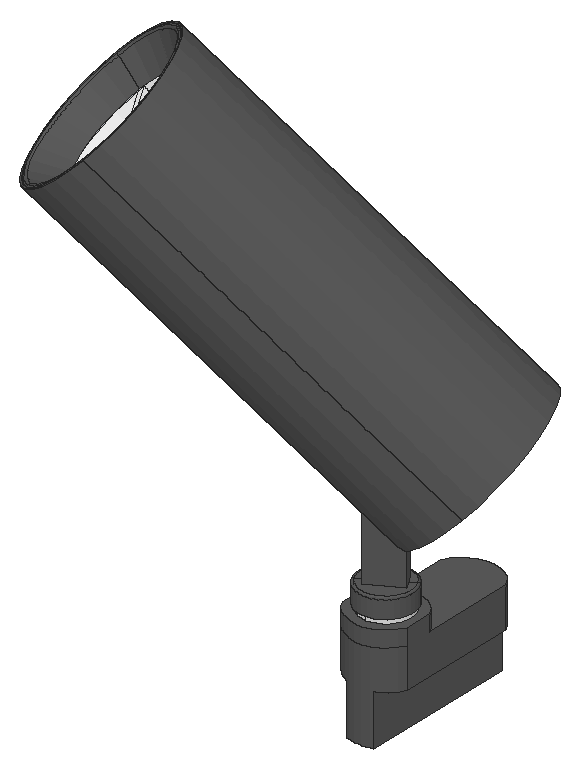
Revit family "0005433 Sylvania Lighting Fixture START Track Spot Integral 940 MB WB BLK", category Lighting Fixtures, host Face, Revit 2017
Family settings
  Host = Face
  Round Connector Dimension = Use Diameter
  Part Type = Normal
  OmniClass Number = 23.80.70.00
  OmniClass Title = Lighting
  Cut with Voids When Loaded = No
  Light Source = No
  Shared = No
  Room Calculation Point = No
Parameters (values of type "0005433 ST TRK SPT INTGRL 5000LM 940 MB BLK")
  Weight = "7.59 kg"
  Wattage Comments = ""
  WarrantyStartDate [instance] = "n/a"
  WarrantyGuarantorParts = "n/a"
  WarrantyDurationUnit = "n/a"
  WarrantyDurationParts = "n/a"
  WarrantyDescription = "n/a"
  Voltage = 230 V
  VerticalRotation_SYL [instance] = 60.00°
  VerticalEndAngle_SYL [instance] = VerticalRotation_SYL - 180.00°  # -120.00°
  URL = "http://www.sylvania-lighting.com"
  TypeName = "START Track Spot Integral 5000lm 940 MB WB BLK"
  TypeHead_SYL = START Track Spot Integral Head : 0005433 ST TRK SPT INTGRL 5000LM 940 MB BLK
  TypeArm_SYL = START Track Spot Integral Arm : START Track Spot Integral BL
  Type Image = <None>
  Type Comments = "n/a"
  SerialNumber [instance] = "n/a"
  Material_3_SYL = none
  PowerFactor = 0
  PowerConsumption = "55 W"
  NominalLength = 0 mm
  NominalHeight = 0 mm
  NominalDepth = 0 mm
  Name = "START Track Spot Integral 5000lm 940 MB WB BLK"
  ModelReference = Name  # "START Track Spot Integral 5000lm 940 MB WB BLK"
  ModelNumber = "0005433"
  Model = Name  # "START Track Spot Integral 5000lm 940 MB WB BLK"
  Material = "n/a"
  ManufacturerName = "Feilo Sylvania"
  Manufacturer = "Feilo Sylvania"
  LuminousEfficacy = "79.41 lm/W"
  LuminaireType = ""
  LightOutputRatio = "n/a"
  LampsType = Lamp  # "LED"
  LampNominalLuminous = "5000 lm"
  LampMacAdamStep = "3"
  LampColourTemperature = "4000"
  LampColourRenderingIndex = "90"
  Lamp = "LED"
  Keynote = "16500"
  InstallationDate [instance] = "n/a"
  InputVoltage = "220-240V~"
  InputNominalFrequency = "50/60 Hz"
  IngressProtection = "IP20"
  ImpactProtectionIndex = "IK03"
  IfcExportType = "IfcLightFixtureType"
  IfcExportAs = "IfcLightFixtureType"
  HorizontalRotation_SYL [instance] = 45.00°
  ExpectedLife = 50000
  ElectricShockClassification = "Class I"
  DurationUnit = "hours"
  DocumentationLiterature = "http://www.sylvania-lighting.com/product/en-int/products/0005433"
  DimmingControlOptions = "Non dimmable"
  Material_2_SYL = Spacer-Sylvania-StartTrackSpot-Aluminium
  Description = ""
  Default Elevation = 1219.2 mm
  CreatedOn = "9/6/2018"
  CreatedBy = ""
  Cost = 0
  built-in parameter 1114216 [instance] = (empty or 0)
  ClassificationValue = "EF_70_80"
  ClassificationName = "Uniclass2015"
  Material_1_SYL = Body-Sylvania-StartTrackSpot-Black
  BarCode [instance] = "n/a"
  AssetType = "Fixed"
  AssetIdentifier [instance] = "n/a"
  Assembly Code = "D5020200"
  Apparent Load = 55 VA
  Material_4_SYL = none
Types (2, lengths in mm): name | TypeName | TypeHead_SYL | Name | ModelReference | Model | LuminousEfficacy | LampNominalLuminous
  0005433 ST TRK SPT INTGRL 5000LM 940 MB BLK | "START Track Spot Integral 5000lm 940 MB WB BLK" | START Track Spot Integral Head : 0005433 ST TRK SPT INTGRL 5000LM 940 MB BLK | "START Track Spot Integral 5000lm 940 MB WB BLK" | "START Track Spot Integral 5000lm 940 MB WB BLK" | "START Track Spot Integral 5000lm 940 MB WB BLK" | "79.41 lm/W" | "5000 lm"
  0005433 ST TRK SPT INTGRL 5300LM 940 WB BLK | "START Track Spot Integral 5300lm 940 MB WB BLK" | START Track Spot Integral Head : 0005433 ST TRK SPT INTGRL 5300LM 940 WB BLK | "START Track Spot Integral 5300lm 940 MB WB BLK" | "START Track Spot Integral 5300lm 940 MB WB BLK" | "START Track Spot Integral 5300lm 940 MB WB BLK" | "82.35 lm/W" | "5300 lm"
Reference planes
  plane 1 "Center (Front/Back)": y = 0
  plane 2: z = 0
  plane 3 "Center (Left/Right)": x = 0
  plane 4: x = 16.6
  plane 5: x = -16.6
  plane 6: x = 7
  plane 7: x = -7
  plane 8: x = -12.8
  plane 9: y = 42
  plane 10: y = 42
  plane 11: y = -42
  plane 12: y = 31.4
  plane 13: y = -31.4
  plane 14: z = -26
  plane 15: z = 20.3
  plane 16: z = 28.5
  plane 17: z = 31.2
  plane 18: y = -17.4
  plane 19: y = -6.8
  plane 20: y = -24.4
Forms (mm)
  Extrusion 1, solid, material "Body-Sylvania-StartTrackSpot-Black" <- "Material_1_SYL"
    sketch origin (0, 0, 0) x (1, 0, 0) y (0, 1, 0)
      loop
        line (-16.6, 31.4) -> (-16.6, -31.4)
        arc (-16.6, -31.4) -> (0, -42) -> (16.6, -31.4) r 18.298
        line (16.6, -31.4) -> (16.6, 31.4)
        arc (16.6, 31.4) -> (0, 42) -> (-16.6, 31.4) r 18.298
    from -26 to 20.3
  Extrusion 2, void
    sketch origin (0, 0, 0) x (1, 0, 0) y (0, 1, 0)
      loop
        arc (-7, 40.608) -> (-12.666, 36.907) -> (-16.6, 31.4) r 18.298
        line (-16.6, 31.4) -> (-16.6, -31.4)
        arc (-16.6, -31.4) -> (-12.666, -36.907) -> (-7, -40.608) r 18.298
        line (-7, -40.608) -> (-7, 40.608)
      loop
        line (16.6, -31.4) -> (16.6, 31.4)
        arc (16.6, 31.4) -> (12.666, 36.907) -> (7, 40.608) r 18.298
        line (7, 40.608) -> (7, -40.608)
        arc (7, -40.608) -> (12.666, -36.907) -> (16.6, -31.4) r 18.298
    from 0 to -26
  Extrusion 3, solid, material "Body-Sylvania-StartTrackSpot-Black" <- "Material_1_SYL"
    sketch origin (1223.4, -4572, 20.3) x (0, -1, 0) y (-1, 0, 0)
      loop
        line (-4540.6, 1240) -> (-4554.6, 1240)
        arc (-4554.6, 1240) -> (-4565.2, 1223.4) -> (-4554.6, 1206.8) r 18.298
        line (-4554.6, 1206.8) -> (-4540.6, 1206.8)
        arc (-4540.6, 1206.8) -> (-4530, 1223.4) -> (-4540.6, 1240) r 18.298
    from -8.2 to 0
  Extrusion 4, solid, material "Spacer-Sylvania-StartTrackSpot-Aluminium" <- "Material_2_SYL"
    sketch origin (1223.4, -4572, 28.5) x (0, -1, 0) y (-1, 0, 0)
      loop
        circle (-4547.6, 1223.4) r 12.7
    from 0 to -2.7
  Revolve 5, solid, not visible
    sketch origin (1524, -24.4, 1219.2) x (1, 0, 0) y (0, 0, 1)
      loop
        line (-1524, -1188) -> (-1524, -1168.735) -> (-1531, -1168.735) -> (-1531, -1188) -> (-1524, -1188)
      axis (-1524, -1168.735) -> (-1524, -1188)
    angle from 60 <- "VerticalRotation_SYL" to -120 <- "VerticalEndAngle_SYL"
Cuts and joins
  Extrusion 2 cuts Extrusion 1
  joined: Extrusion 1, Extrusion 3
Lines and regions (mm)
  reference lines
    curve 1: circle (0, -24.4, 0) r 12.7 normal (0, 0, 1)
    curve 2: arc (-16.6, -31.4, 0) -> (0, -42, 0) -> (16.6, -31.4, 0) r 18.298
    curve 3: arc (-16.6, -17.4, 0) -> (0, -6.8, 0) -> (16.6, -17.4, 0) r 18.298
    curve 4: arc (-16.6, 31.4, 0) -> (0, 42, 0) -> (16.6, 31.4, 0) r 18.298
Dimensions and locks
  plane 6 to plane 3 "Center (Left/Right)" to plane 7 = 7 mm locked, 7 mm locked
  plane 4 to plane 3 "Center (Left/Right)" to plane 5 = 16.6 mm locked, 16.6 mm locked
  locked: plane 3 "Center (Left/Right)" to plane 8 at 12.8
  plane 11 to plane 1 "Center (Front/Back)" to plane 10 = 42 mm locked, 42 mm locked
  plane 13 to plane 1 "Center (Front/Back)" to plane 12 = 31.4 mm locked, 31.4 mm locked
  locked: plane 2 to plane 14 at 26
  locked: plane 15 to plane 2 at 20.3
  plane 17 to plane 16 to plane 15 = 2.7 mm locked, 8.2 mm locked
  locked: plane 13 to plane 18 at 14
  locked: plane 18 to plane 19 at 10.6
  equal spacing: plane 13, plane 20, plane 18
  locked: plane 20 to curve 2 at 0.698
  locked: curve 3 to plane 20 at 0.698
  aligned and locked: plane 2 to host face
  aligned and locked: level to host face
  aligned and locked: plane 3 "Center (Left/Right)" to curve 1
  aligned and locked: plane 20 to curve 1
  aligned and locked: plane 13 to curve 2  (x2)
  aligned and locked: plane 18 to curve 3  (x2)
  aligned and locked: plane 12 to curve 4  (x2)
  aligned and locked: plane 4 to curve 4
  aligned and locked: plane 3 "Center (Left/Right)" to curve 4
  aligned and locked: plane 5 to curve 2
  aligned and locked: plane 5 to curve 3
  aligned and locked: plane 4 to curve 3
  aligned and locked: plane 4 to curve 2
  aligned and locked: plane 12 to Extrusion 1 sketch curve
  aligned and locked: plane 13 to Extrusion 1 sketch curve
  aligned and locked: Extrusion 1 sketch curve to curve 4
  aligned and locked: Extrusion 1 sketch curve to curve 2
  aligned and locked: Extrusion 1 to plane 15
  aligned and locked: plane 14 to Extrusion 1
  aligned and locked: Extrusion 2 sketch curve to Extrusion 1  (x5)
  aligned and locked: Extrusion 2 sketch curve to plane 7
  aligned and locked: plane 14 to Extrusion 2
  aligned and locked: level to Extrusion 2
  aligned and locked: Extrusion 3 sketch curve to cut or joined group of Extrusion 1, Extrusion 2, Extrusion 3  (x2)
  aligned and locked: Extrusion 3 sketch curve to curve 3
  aligned and locked: cut or joined group of Extrusion 1, Extrusion 2, Extrusion 3 to Extrusion 3 sketch curve
  aligned and locked: Extrusion 3 to plane 16
  aligned and locked: plane 15 to Extrusion 3
  aligned and locked: Extrusion 4 sketch curve to curve 1
  aligned and locked: Extrusion 4 to plane 17
  aligned and locked: plane 16 to Extrusion 4
  aligned and locked: Revolve 5 sketch curve to plane 3 "Center (Left/Right)"
  aligned and locked: Extrusion 4 to Revolve 5 sketch curve
  aligned and locked: Revolve 5 sketch curve to Extrusion 4
  aligned and locked: plane 17 to nested 1
Automatic sketch dimensions
  host sketch curve to host sketch curve = 2438.4 mm  (x2)
  plane 12 to curve 4 = 7.698 mm
  plane 12 to Extrusion 2 sketch curve = 0 mm
  Extrusion 2 sketch curve to Extrusion 2 sketch curve = 0 mm  (x2)
  Extrusion 2 sketch curve to plane 6 = 0 mm
  Revolve 5 sketch curve to plane 7 = 0 mm
  Revolve 5 sketch curve to Revolve 5 sketch curve = 19.265 mm
  plane 14 to Revolve 5 sketch curve = 583.6 mm
  Revolve 5 sketch curve to Revolve 5 sketch curve = 2558.594 mm
  radius of curve 1 = 12.7 mm
Nested families
  nested 1: "START Track Spot Integral Arm" at (0, -24.4, 31.2) x (0, 0, -1) z (0.866, 0.5, 0), type <- "TypeArm_SYL", HorizontalRotation_SYL <- "HorizontalRotation_SYL", type "START Track Spot Integral BL"
    with HorizontalRotation_SYL 45.00°, HorizontalEndAngle_SYL -135.00°
  nested 2: "START Track Spot Integral Head" at (22.045, -11.672, 108.656) x (-0.5, 0.866, 0) z (0.6124, 0.3536, -0.7071), type <- "TypeHead_SYL", type "0005433 ST TRK SPT INTGRL 5000LM 940 MB BLK"
    with built-in parameter 1114216 (empty or 0)
Connectors
  electrical at (0, 0, 0), driven by "Apparent Load", driven by "PowerFactor", driven by "Voltage"
    settings: index 1, voltage 230 V, apparent load 55 VA, apparent load phase1 0 VA, apparent load phase2 0 VA, apparent load phase3 0 VA, power factor 0, load classification "Lighting", number of poles 1, system type 30, power factor state 1, is connector primary yes, connector utility no, sub classification motor no, connector description ""
Definition of nested family "START Track Spot Integral Arm"
  Parameters (values of type "START Track Spot Integral WH")
    URL = "http://www.sylvania-lighting.com"
    Type Image = (empty or 0)
    Type Comments = "n/a"
    Material_3_SYL = none
    Model = ""
    Manufacturer = "Feilo Sylvania"
    Keynote = ""
    Material_2_SYL = none
    HorizontalRotation_SYL [instance] = 0.00°
    HorizontalEndAngle_SYL [instance] = HorizontalRotation_SYL - 180.00°  # -180.00°
    Description = ""
    Default Elevation = 1219.2 mm
    Cost = 0
    Material_1_SYL = none
    Assembly Code = ""
    Material_4_SYL = none
  Types (2): name
    START Track Spot Integral WH
    START Track Spot Integral BL
  Reference planes
    plane 1 "Center (Front/Back)": y = 0
    plane 2: z = 0
    plane 3 "Center (Left/Right)": x = 0
    plane 4: x = -10
    plane 5: z = -14
    plane 6: z = -14
    plane 7: z = 14
    plane 8: x = -52
    plane 9: z = 9
    plane 10: z = -9
    plane 11: x = -60
    plane 12: y = 4.5
    plane 13: y = -4.5
    plane 14: x = -9
    plane 15: z = 13
    plane 16: z = 4
    plane 17: z = -4
    plane 18: x = -55
  Forms (mm)
    Extrusion 1, solid
      sketch origin (4.2, 0, 0) x (1, 0, 0) y (0, 1, 0)
        loop
          line (-1219.2, 1219.2) -> (-1219.2, -1219.2) -> (1219.2, -1219.2) -> (1219.2, 1219.2) -> (-1219.2, 1219.2)
      from 0 to -68.017
    Revolve 2, solid, material <- "Material_1_SYL"
      sketch origin (0, 0, 0) x (1, 0, 0) y (0, 0, 1)
        loop
          line (0, 0) -> (0, 14) -> (-9, 14)
          arc (-9, 14) -> (-9.707, 13.707) -> (-10, 13) r 1
          line (-10, 13) -> (-10, 0) -> (0, 0)
        axis (-10, 0) -> (0, 0)
      angle from 360 to 0
    Extrusion 3, solid, material <- "Material_1_SYL"
      sketch origin (0, 0, 0) x (1, 0, 0) y (0, 0, 1)
        loop
          line (-10, 9) -> (-55, 9)
          arc (-55, 9) -> (-58.536, 7.536) -> (-60, 4) r 5
          line (-60, 4) -> (-60, -4)
          arc (-60, -4) -> (-58.536, -7.536) -> (-55, -9) r 5
          line (-55, -9) -> (-10, -9) -> (-10, 9)
      from -4.5 to 4.5
    Revolve 4, solid, not visible
      sketch origin (-52, -4572, 2609.058) x (0, 0, 1) y (0, -1, 0)
        loop
          line (-2609.058, -4553.46) -> (-2609.058, -4590.54) -> (-2605.058, -4590.54) -> (-2605.058, -4553.46) -> (-2609.058, -4553.46)
        axis (-2609.058, -4553.46) -> (-2609.058, -4590.54)
      angle from 0 <- "HorizontalRotation_SYL" to -180 <- "HorizontalEndAngle_SYL"
  Dimensions and locks
    locked: plane 3 "Center (Left/Right)" to plane 4 at 10
    plane 7 to plane 2 to plane 6 = 14 mm locked, 14 mm locked
    locked: plane 4 to plane 8 at 42
    plane 13 to plane 1 "Center (Front/Back)" to plane 12 = 4.5 mm locked, 4.5 mm locked
    locked: plane 14 to plane 4 at 1
    locked: plane 7 to plane 15 at 1
    locked: plane 9 to plane 16 at 5
    locked: plane 17 to plane 10 at 5
    equal spacing: Revolve 4 sketch curve, plane 1 "Center (Front/Back)", Revolve 4 sketch curve
    locked: Revolve 4 sketch curve to plane 1 "Center (Front/Back)" at 18.54
    locked: plane 18 to plane 11 at 5
    locked: plane 4 to plane 11 at 50
    aligned and locked: plane 2 to Extrusion 1
    aligned and locked: level to Extrusion 1
    aligned and locked: level to Revolve 2 sketch curve  (x2)
    aligned and locked: plane 3 "Center (Left/Right)" to Revolve 2 sketch curve
    aligned and locked: Revolve 2 sketch curve to plane 7
    aligned and locked: plane 4 to Revolve 2 sketch curve
    aligned and locked: plane 15 to Revolve 2 sketch curve
    aligned and locked: plane 14 to Revolve 2 sketch curve
    aligned and locked: Revolve 2 sketch curve to plane 2
    aligned and locked: Extrusion 3 sketch curve to plane 9
    aligned and locked: plane 4 to Extrusion 3 sketch curve
    aligned and locked: plane 10 to Extrusion 3 sketch curve
    aligned and locked: Extrusion 3 sketch curve to plane 11
    aligned and locked: plane 13 to Extrusion 3
    aligned and locked: Extrusion 3 to plane 12
    aligned and locked: plane 16 to Extrusion 3 sketch curve
    aligned and locked: plane 17 to Extrusion 3 sketch curve
    aligned and locked: Revolve 4 sketch curve to level
    aligned and locked: Revolve 4 sketch curve to plane 16
    aligned and locked: Revolve 4 sketch curve to plane 2
    aligned and locked: plane 18 to Extrusion 3 sketch curve  (x2)
Definition of nested family "START Track Spot Integral Head"
  Parameters (values of type "0005432 ST TRK SPT INTGRL 5000LM 940 WB WHT")
    WidthCutOut_SYL = 9.5 mm  # constant formula
    Wattage Comments = "n/a"
    Wattage = 55 W
    built-in parameter 1150110 = 1 (stored number, unit not read)
    URL = "http://www.sylvania-lighting.com"
    Type Image = (empty or 0)
    Type Comments = "n/a"
    built-in parameter 1114217 = 1 (stored number, unit not read)
    Tilt Angle = 90.00°
    built-in parameter 1150109 = 1 (stored number, unit not read)
    built-in parameter 1150134 = 12
    built-in parameter 1150113 = 1 (stored number, unit not read)
    S_SYL = no
    RadiusLensOut_SYL = if(S_SYL, 21 mm, if(M_SYL, 30.5 mm, 33 mm))  # 33 mm
    RadiusLensHolder_SYL = 1.8 mm  # constant formula
    RadiusHead_SYL = if(S_SYL, 30 mm, if(M_SYL, 40 mm, 45.5 mm))  # 45.5 mm
    RadiusEmission_SYL = if(S_SYL, 8 mm, if(M_SYL, 16.5 mm, 16.5 mm))  # 16.5 mm
    Photometric Web File = "0005432 WB.ies"
    Material_3_SYL = none
    Model = "ST TRK SPT INTGRL 5000LM 940 WB WHT"
    Manufacturer = "Feilo Sylvania"
    M_SYL = no
    built-in parameter 1150105 = 397.89 (stored number, unit not read)
    Lumens = 5000 lm
    built-in parameter 1150115 = 1 (stored number, unit not read)
    built-in parameter 1150137 = (empty or 0)
    built-in parameter 1150139 = (empty or 0)
    built-in parameter 1150112 = 1 (stored number, unit not read)
    built-in parameter 1150114 = 1 (stored number, unit not read)
    Lamp = "LED"
    Keynote = "16500"
    Material_2_SYL = none
    built-in parameter 1150132 = (empty or 0)
    built-in parameter 1150102 = (empty or 0)
    built-in parameter 1150107 = 4000 (stored number, unit not read)
    built-in parameter 1150138 = (empty or 0)
    built-in parameter 1150106 = 3.9789 (stored number, unit not read)
    Height_SYL = if(S_SYL, 160 mm, if(M_SYL, 200 mm, 215 mm))  # 215 mm
    Emit from Circle Diameter = RadiusLensOut_SYL * 2  # 66 mm
    Emit Shape Visible in Rendering = no
    built-in parameter 1150104 = 8.4457 (stored number, unit not read)
    DistRotateAxisY_SYL = 16.8 mm  # constant formula
    Dimming Lamp Color Temperature Shift = (empty or 0)
    Description = ""
    DepthLens_SYL = 1.25 * (RadiusHead_SYL - 1 mm - RadiusLensOut_SYL)  # 14.375 mm
    DepthEmission_SYL = Height_SYL / 6.4  # 33.594 mm
    DepthCutOut_SYL = WidthCutOut_SYL * 2  # 19 mm
    Default Elevation = 1219.2 mm
    Cost = 0
    Color Filter = 16777215
    built-in parameter 1114216 [instance] = (empty or 0)
    Material_1_SYL = none
    built-in parameter 1114218 = 1 (stored number, unit not read)
    built-in parameter 1150133 = 10 (stored number, unit not read)
    Assembly Code = "D5020200"
    Apparent Load = 55 VA
    Material_4_SYL = none
  Types (24, lengths in mm): name | Wattage | built-in parameter 1150134 | S_SYL | RadiusLensOut_SYL | RadiusHead_SYL | RadiusEmission_SYL | Photometric Web File | Model | M_SYL | built-in parameter 1150105 | Lumens | built-in parameter 1150107 | built-in parameter 1150106 | Height_SYL | Emit from Circle Diameter | built-in parameter 1150104 | DepthLens_SYL | DepthEmission_SYL | Apparent Load
    0005433 ST TRK SPT INTGRL 5000LM 940 WB BLK | 55 W | 12 | no | 33 | 45.5 | 16.5 | "0005433 WB.ies" | "ST TRK SPT INTGRL 5000LM 940 WB BLK" | no | 397.89 (stored number, unit not read) | 5000 lm | 4000 (stored number, unit not read) | 3.9789 (stored number, unit not read) | 215 | 66 | 8.4457 (stored number, unit not read) | 14.375 | 33.594 | 55 VA
    0005433 ST TRK SPT INTGRL 5000LM 940 MB BLK | 55 W | 12 | no | 33 | 45.5 | 16.5 | "0005433 MB.ies" | "ST TRK SPT INTGRL 5000LM 940 MB BLK" | no | 397.89 (stored number, unit not read) | 5000 lm | 4000 (stored number, unit not read) | 3.9789 (stored number, unit not read) | 215 | 66 | 8.4457 (stored number, unit not read) | 14.375 | 33.594 | 55 VA
    0005432 ST TRK SPT INTGRL 5000LM 940 WB WHT | 55 W | 12 | no | 33 | 45.5 | 16.5 | "0005432 WB.ies" | "ST TRK SPT INTGRL 5000LM 940 WB WHT" | no | 397.89 (stored number, unit not read) | 5000 lm | 4000 (stored number, unit not read) | 3.9789 (stored number, unit not read) | 215 | 66 | 8.4457 (stored number, unit not read) | 14.375 | 33.594 | 55 VA
    0005432 ST TRK SPT INTGRL 5000LM 940 MB WHT | 55 W | 12 | no | 33 | 45.5 | 16.5 | "0005432 MB.ies" | "ST TRK SPT INTGRL 5000LM 940 MB WHT" | no | 397.89 (stored number, unit not read) | 5000 lm | 4000 (stored number, unit not read) | 3.9789 (stored number, unit not read) | 215 | 66 | 8.4457 (stored number, unit not read) | 14.375 | 33.594 | 55 VA
    0005431 ST TRK SPT INTGRL 3000LM 940 WB BLK | 33 W | 12 | no | 30.5 | 40 | 16.5 | "0005431 WB.ies" | "ST TRK SPT INTGRL 3000LM 940 WB BLK" | yes | 238.73 (stored number, unit not read) | 3000 lm | 4000 (stored number, unit not read) | 2.3873 (stored number, unit not read) | 200 | 61 | 8.4457 (stored number, unit not read) | 10.625 | 31.25 | 33 VA
    0005431 ST TRK SPT INTGRL 3000LM 940 MB BLK | 33 W | 12 | no | 30.5 | 40 | 16.5 | "0005431 MB.ies" | "ST TRK SPT INTGRL 3000LM 940 MB BLK" | yes | 238.73 (stored number, unit not read) | 3000 lm | 4000 (stored number, unit not read) | 2.3873 (stored number, unit not read) | 200 | 61 | 8.4457 (stored number, unit not read) | 10.625 | 31.25 | 33 VA
    0005430 ST TRK SPT INTGRL 3000LM 940 WB WHT | 33 W | 12 | no | 30.5 | 40 | 16.5 | "0005430 WB.ies" | "ST TRK SPT INTGRL 3000LM 940 WB WHT" | yes | 238.73 (stored number, unit not read) | 3000 lm | 4000 (stored number, unit not read) | 2.3873 (stored number, unit not read) | 200 | 61 | 8.4457 (stored number, unit not read) | 10.625 | 31.25 | 33 VA
    0005430 ST TRK SPT INTGRL 3000LM 940 MB WHT | 33 W | 12 | no | 30.5 | 40 | 16.5 | "0005430 MB.ies" | "ST TRK SPT INTGRL 3000LM 940 MB WHT" | yes | 238.73 (stored number, unit not read) | 3000 lm | 4000 (stored number, unit not read) | 2.3873 (stored number, unit not read) | 200 | 61 | 8.4457 (stored number, unit not read) | 10.625 | 31.25 | 33 VA
    0005429 ST TRK SPT INTGRL 1500LM 940 WB BLK | 17 W | 12 | yes | 21 | 30 | 8 | "0005429 WB.ies" | "ST TRK SPT INTGRL 1500LM 940 WB BLK" | no | 119.37 (stored number, unit not read) | 1500 lm | 4000 (stored number, unit not read) | 1.1937 (stored number, unit not read) | 160 | 42 | 8.1973 (stored number, unit not read) | 10 | 25 | 17 VA
    0005429 ST TRK SPT INTGRL 1500LM 940 MB BLK | 17 W | 12 | yes | 21 | 30 | 8 | "0005429 MB.ies" | "ST TRK SPT INTGRL 1500LM 940 MB BLK" | no | 119.37 (stored number, unit not read) | 1500 lm | 4000 (stored number, unit not read) | 1.1937 (stored number, unit not read) | 160 | 42 | 8.1973 (stored number, unit not read) | 10 | 25 | 17 VA
    0005428 ST TRK SPT INTGRL 1500LM 940 WB WHT | 17 W | 12 | yes | 21 | 30 | 8 | "0005428 WB.ies" | "ST TRK SPT INTGRL 1500LM 940 WB WHT" | no | 119.37 (stored number, unit not read) | 1500 lm | 4000 (stored number, unit not read) | 1.1937 (stored number, unit not read) | 160 | 42 | 8.1973 (stored number, unit not read) | 10 | 25 | 17 VA
    0005428 ST TRK SPT INTGRL 1500LM 940 MB WHT | 17 W | 12 | yes | 21 | 30 | 8 | "0005428 MB.ies" | "ST TRK SPT INTGRL 1500LM 940 MB WHT" | no | 119.37 (stored number, unit not read) | 1500 lm | 4000 (stored number, unit not read) | 1.1937 (stored number, unit not read) | 160 | 42 | 8.1973 (stored number, unit not read) | 10 | 25 | 17 VA
    0005427 ST TRK SPT INTGRL 4500LM 930 WB BLK | 55 W | (empty or 0) | no | 33 | 45.5 | 16.5 | "0005427 WB.ies" | "ST TRK SPT INTGRL 4500LM 930 WB BLK" | no | 358.1 (stored number, unit not read) | 4500 lm | 3000 (stored number, unit not read) | 3.581 (stored number, unit not read) | 215 | 66 | 7.6012 (stored number, unit not read) | 14.375 | 33.594 | 55 VA
    0005427 ST TRK SPT INTGRL 4500LM 930 MB BLK | 55 W | (empty or 0) | no | 33 | 45.5 | 16.5 | "0005427 MB.ies" | "ST TRK SPT INTGRL 4500LM 930 MB BLK" | no | 358.1 (stored number, unit not read) | 4500 lm | 3000 (stored number, unit not read) | 3.581 (stored number, unit not read) | 215 | 66 | 7.6012 (stored number, unit not read) | 14.375 | 33.594 | 55 VA
    0005426 ST TRK SPT INTGRL 4500LM 930 WB WHT | 55 W | (empty or 0) | no | 33 | 45.5 | 16.5 | "0005426 WB.ies" | "ST TRK SPT INTGRL 4500LM 930 WB WHT" | no | 358.1 (stored number, unit not read) | 4500 lm | 3000 (stored number, unit not read) | 3.581 (stored number, unit not read) | 215 | 66 | 7.6012 (stored number, unit not read) | 14.375 | 33.594 | 55 VA
    0005426 ST TRK SPT INTGRL 4500LM 930 MB WHT | 55 W | (empty or 0) | no | 33 | 45.5 | 16.5 | "0005426 MB.ies" | "ST TRK SPT INTGRL 4500LM 930 MB WHT" | no | 358.1 (stored number, unit not read) | 4500 lm | 3000 (stored number, unit not read) | 3.581 (stored number, unit not read) | 215 | 66 | 7.6012 (stored number, unit not read) | 14.375 | 33.594 | 55 VA
    0005425 ST TRK SPT INTGRL 2700LM 930 WB BLK | 33 W | (empty or 0) | no | 30.5 | 40 | 16.5 | "0005425 WB.ies" | "ST TRK SPT INTGRL 2700LM 930 WB BLK" | yes | 214.86 (stored number, unit not read) | 2700 lm | 3000 (stored number, unit not read) | 2.1486 (stored number, unit not read) | 200 | 61 | 7.6012 (stored number, unit not read) | 10.625 | 31.25 | 33 VA
    0005425 ST TRK SPT INTGRL 2700LM 930 MB BLK | 33 W | (empty or 0) | no | 30.5 | 40 | 16.5 | "0005425 MB.ies" | "ST TRK SPT INTGRL 2700LM 930 MB BLK" | yes | 214.86 (stored number, unit not read) | 2700 lm | 3000 (stored number, unit not read) | 2.1486 (stored number, unit not read) | 200 | 61 | 7.6012 (stored number, unit not read) | 10.625 | 31.25 | 33 VA
    0005424 ST TRK SPT INTGRL 2700LM 930 WB WHT | 33 W | (empty or 0) | no | 30.5 | 40 | 16.5 | "0005424 WB.ies" | "ST TRK SPT INTGRL 2700LM 930 WB WHT" | yes | 214.86 (stored number, unit not read) | 2700 lm | 3000 (stored number, unit not read) | 2.1486 (stored number, unit not read) | 200 | 61 | 7.6012 (stored number, unit not read) | 10.625 | 31.25 | 33 VA
    0005424 ST TRK SPT INTGRL 2700LM 930 MB WHT | 33 W | (empty or 0) | no | 30.5 | 40 | 16.5 | "0005424 MB.ies" | "ST TRK SPT INTGRL 2700LM 930 MB WHT" | yes | 214.86 (stored number, unit not read) | 2700 lm | 3000 (stored number, unit not read) | 2.1486 (stored number, unit not read) | 200 | 61 | 7.6012 (stored number, unit not read) | 10.625 | 31.25 | 33 VA
    0005423 ST TRK SPT INTGRL 1360LM 930 WB BLK | 17 W | (empty or 0) | yes | 21 | 30 | 8 | "0005423 WB.ies" | "ST TRK SPT INTGRL 1360LM 930 WB BLK" | no | 108.23 (stored number, unit not read) | 1360 lm | 3000 (stored number, unit not read) | 1.0823 (stored number, unit not read) | 160 | 42 | 7.4322 (stored number, unit not read) | 10 | 25 | 17 VA
    0005423 ST TRK SPT INTGRL 1360LM 930 MB BLK | 17 W | (empty or 0) | yes | 21 | 30 | 8 | "0005423 MB.ies" | "ST TRK SPT INTGRL 1360LM 930 MB BLK" | no | 108.23 (stored number, unit not read) | 1360 lm | 3000 (stored number, unit not read) | 1.0823 (stored number, unit not read) | 160 | 42 | 7.4322 (stored number, unit not read) | 10 | 25 | 17 VA
    0005422 ST TRK SPT INTGRL 1360LM 930 WB WHT | 17 W | (empty or 0) | yes | 21 | 30 | 8 | "0005422 WB.ies" | "ST TRK SPT INTGRL 1360LM 930 WB WHT" | no | 108.23 (stored number, unit not read) | 1360 lm | 3000 (stored number, unit not read) | 1.0823 (stored number, unit not read) | 160 | 42 | 7.4322 (stored number, unit not read) | 10 | 25 | 17 VA
    0005422 ST TRK SPT INTGRL 1360LM 930 MB WHT | 17 W | (empty or 0) | yes | 21 | 30 | 8 | "0005422 MB.ies" | "ST TRK SPT INTGRL 1360LM 930 MB WHT" | no | 108.23 (stored number, unit not read) | 1360 lm | 3000 (stored number, unit not read) | 1.0823 (stored number, unit not read) | 160 | 42 | 7.4322 (stored number, unit not read) | 10 | 25 | 17 VA
  Reference planes
    plane 1 "Center (Front/Back)": y = 0
    plane 2: z = 0
    plane 3 "Center (Left/Right)": x = 0
    plane 4: x = 45.5
    plane 5: z = 16.8
    plane 6: z = -198.2
    plane 7: x = 44.5
    plane 8: x = 33
    plane 9: x = 16.5
    plane 10: z = -183.825
    plane 11: z = -164.606
    plane 12: z = -11.2
    plane 13: x = 43.5
    plane 14: x = 38.25
    plane 15: z = -181.825
    plane 16: z = -162.606
    plane 17: z = -1
    plane 18: x = 4.75
    plane 19: x = -4.75
    plane 20: y = -45.5
    plane 21: y = -26.5
    plane 22: x = 42.5
    plane 23: y = -36
  Forms (mm)
    Extrusion 1, solid
      sketch origin (4.2, 0, 0) x (1, 0, 0) y (0, 1, 0)
        loop
          line (-1219.2, 1219.2) -> (-1219.2, -1219.2) -> (1219.2, -1219.2) -> (1219.2, 1219.2) -> (-1219.2, 1219.2)
      from 0 to -68.017
    Revolve 2, solid, material <- "Material_1_SYL"
      sketch origin (0, 0, 0) x (1, 0, 0) y (0, 0, 1)
        loop
          line (45.5, -198.2) -> (45.5, 16.8) -> (44.5, 16.8) -> (44.5, -198.2) -> (45.5, -198.2)
        axis (0, 16.8) -> (0, -198.2)
      angle from 360 to 0
    Revolve 3, solid, material <- "Material_1_SYL"
      sketch origin (0, 0, 0) x (1, 0, 0) y (0, 0, 1)
        loop
          line (44.5, 16.8) -> (43.5, 16.8)
          arc (43.5, 16.8) -> (38.25, 15.673) -> (33, 16.8) r 12.796
          line (33, 16.8) -> (0, 16.8) -> (0, -11.2) -> (44.5, -11.2) -> (44.5, 16.8)
        axis (0, 16.8) -> (0, -11.2)
      angle from 360 to 0
    Revolve 4, solid, material <- "Material_2_SYL"
      sketch origin (0, 0, 0) x (1, 0, 0) y (0, 0, 1)
        loop
          line (44.5, -181.825) -> (0, -181.825) -> (0, -183.825) -> (44.5, -183.825) -> (44.5, -181.825)
        axis (0, -181.825) -> (0, -183.825)
      angle from 360 to 0
    Revolve 5, solid
      sketch origin (0, 0, 0) x (1, 0, 0) y (0, 0, 1)
        loop
          line (0, -164.606) -> (16.5, -164.606)
          arc (16.5, -164.606) -> (30.37, -169.432) -> (38.25, -181.825) r 22.346
          line (38.25, -181.825) -> (44.5, -181.825) -> (44.5, -162.606) -> (0, -162.606) -> (0, -164.606)
        axis (0, -162.606) -> (0, -181.825)
      angle from 360 to 0
    Extrusion 6, void
      sketch origin (1524, -45.5, 1219.2) x (-1, 0, 0) y (0, 0, 1)
        loop
          line (1528.75, -1230.4) -> (1528.75, -1202.4) -> (1519.25, -1202.4) -> (1519.25, -1230.4) -> (1528.75, -1230.4)
      from 0 to 19
    Revolve 7, solid, material <- "Material_1_SYL"
      sketch origin (0, 0, 0) x (1, 0, 0) y (0, 0, 1)
        loop
          line (33, -183.825) -> (42.006, -197.453)
          arc (42.006, -197.453) -> (42.534, -197.999) -> (43.267, -198.2) r 1.437
          line (43.267, -198.2) -> (44.5, -198.2) -> (44.5, -183.825) -> (33, -183.825)
        axis (0, -183.825) -> (0, -198.2)
      angle from 360 to 0
  Cuts and joins
    Extrusion 6 cuts Revolve 3
    Extrusion 6 cuts Revolve 2
  Lines and regions (mm)
    reference lines
      curve 1: arc (33, 0, 16.8) -> (38.25, 0, 15.673) -> (43.5, 0, 16.8) r 12.796
      curve 2: line (33, 0, -183.825) -> (42.5, 0, -198.2)
  Dimensions and locks
    "RadiusHead_SYL": plane 4 to plane 3 "Center (Left/Right)"
    "DistRotateAxisY_SYL": plane 5 to plane 2
    "Height_SYL": plane 5 to plane 6
    locked: plane 4 to plane 7 at 1
    "RadiusLensOut_SYL": plane 8 to plane 3 "Center (Left/Right)"
    "RadiusEmission_SYL": plane 9 to plane 3 "Center (Left/Right)"
    "DepthLens_SYL": plane 10 to plane 6
    "DepthEmission_SYL": plane 11 to plane 6
    locked: plane 5 to plane 12 at 28
    locked: plane 4 to plane 13 at 2
    equal spacing: plane 13, plane 14, plane 8
    locked: plane 5 to curve 1 at 1.127
    locked: plane 15 to plane 10 at 2
    locked: plane 16 to plane 11 at 2
    locked: plane 2 to plane 17 at 1
    equal spacing: plane 18, plane 3 "Center (Left/Right)", plane 19
    "WidthCutOut_SYL": plane 18 to plane 19
    "RadiusHead_SYL": plane 20 to plane 1 "Center (Front/Back)"
    "DepthCutOut_SYL": plane 20 to plane 21
    locked: plane 4 to plane 22 at 3
    equal spacing: plane 20, plane 23, plane 21
    aligned and locked: plane 2 to Extrusion 1
    aligned and locked: level to Extrusion 1
    aligned and locked: plane 8 to curve 1
    aligned and locked: plane 13 to curve 1
    aligned and locked: plane 14 to curve 1
    aligned and locked: plane 5 to curve 1
    aligned and locked: Revolve 2 sketch curve to plane 3 "Center (Left/Right)"
    aligned and locked: Revolve 2 sketch curve to plane 6
    aligned and locked: Revolve 2 sketch curve to plane 4
    aligned and locked: plane 5 to Revolve 2 sketch curve
    aligned and locked: plane 7 to Revolve 2 sketch curve
    aligned and locked: Revolve 3 sketch curve to plane 3 "Center (Left/Right)"
    aligned and locked: Revolve 3 sketch curve to Revolve 2  (x3)
    aligned and locked: Revolve 3 sketch curve to plane 12
    aligned and locked: plane 3 "Center (Left/Right)" to Revolve 3 sketch curve
    aligned and locked: Revolve 3 sketch curve to curve 1
    aligned and locked: plane 5 to Revolve 3 sketch curve
    aligned and locked: Revolve 4 sketch curve to plane 3 "Center (Left/Right)"  (x2)
    aligned and locked: Revolve 4 sketch curve to plane 15
    aligned and locked: plane 7 to Revolve 4 sketch curve
    aligned and locked: Revolve 5 sketch curve to plane 3 "Center (Left/Right)"  (x2)
    aligned and locked: plane 3 "Center (Left/Right)" to Revolve 5 sketch curve
    aligned and locked: plane 9 to Revolve 5 sketch curve
    aligned and locked: plane 11 to Revolve 5 sketch curve
    aligned and locked: plane 14 to Revolve 5 sketch curve
    aligned and locked: plane 15 to Revolve 5 sketch curve
    aligned and locked: plane 12 to Extrusion 6 sketch curve
    aligned and locked: Extrusion 6 sketch curve to plane 19
    aligned and locked: Extrusion 6 sketch curve to plane 5
    aligned and locked: plane 18 to Extrusion 6 sketch curve
    aligned and locked: Extrusion 6 to plane 21
    aligned and locked: plane 20 to Extrusion 6
    aligned and locked: plane 10 to curve 2
    aligned and locked: plane 22 to curve 2
    aligned and locked: Revolve 7 sketch curve to plane 3 "Center (Left/Right)"
    aligned and locked: plane 10 to Revolve 7 sketch curve
    aligned and locked: Revolve 7 sketch curve to Revolve 4
    aligned and locked: Revolve 7 sketch curve to curve 2
    aligned and locked: plane 3 "Center (Left/Right)" to imposter light
    aligned and locked: imposter light to plane 1 "Center (Front/Back)"
    aligned and locked: imposter light to plane 10
  Automatic sketch dimensions
    Extrusion 1 sketch curve to Extrusion 1 sketch curve = 2438.4 mm  (x2)
    plane 6 to Revolve 2 sketch curve = 487.1 mm
    Revolve 2 sketch curve to plane 5 = 2571.558 mm
    plane 6 to Revolve 3 sketch curve = 487.1 mm
    Revolve 3 sketch curve to Revolve 3 sketch curve = 2566.685 mm
    plane 6 to Revolve 4 sketch curve = 487.1 mm
    Revolve 4 sketch curve to plane 5 = 2571.558 mm
    Revolve 5 sketch curve to plane 11 = 2 mm
    plane 6 to Revolve 5 sketch curve = 487.1 mm
    Revolve 5 sketch curve to plane 5 = 2571.558 mm
    Revolve 5 sketch curve to plane 7 = 0 mm
    Revolve 4 sketch curve to plane 10 = 0 mm
    curve 2 to plane 8 = 0 mm
    curve 1 to plane 14 = 0 mm
    curve 2 to plane 6 = 0 mm
    curve 1 to plane 13 = 0 mm
    Revolve 7 sketch curve to plane 6 = 0 mm
    Revolve 7 sketch curve to plane 22 = 0.494 mm
    Revolve 7 sketch curve to plane 13 = 0.233 mm
    plane 6 to Revolve 7 sketch curve = 474.6 mm
    Revolve 7 sketch curve to plane 5 = 2584.058 mm
